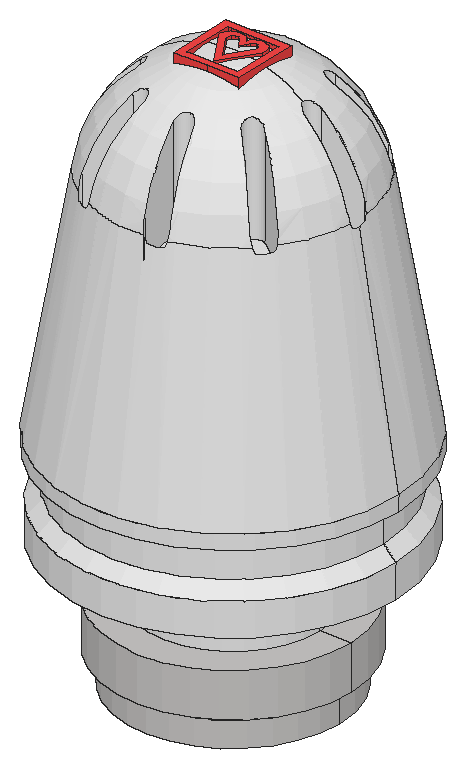
Revit family "Термостатическая головка HERZ-Design-MINI Turbo, с присоединительной резьбой М 28х1.5, 9200 13", category Rohrzubehör, Revit 2018
Family settings
  Bemaßung runder Anschluss = Durchmesser verwenden
  Teiletyp = Normal
  OmniClass-Nummer = 23.65.55.14
  OmniClass-Titel = Valves for Liquid Services
  Arbeitsebenenbasiert = Nein
  Immer vertikal = Nein
  Beim Laden mit Abzugskörper schneiden = Nein
  Gemeinsam genutzt = Nein
Parameters
  Принцип действия = "HERZ-термостатическая головка является датчиком прямого регулирования.\r\nИзменение объема жидкости в HERZ-гидросенсоре приводит в движение шток клапана."
  Область применения = "Для монтажа на всех HERZ-клапанах, предназначенных для термостатической работы."
  Номер заказа = 1920013  # constant formula
  Морозозащита = 6 °C  # constant formula
  Маховик = "Пластик, белый"  # constant formula
  Диапазон регулирования с морозозащитой = "6-30°C"  # constant formula
  Диапазон регулирования = "0-30°C"  # constant formula
  URL = "www.herz-armaturen.ru"
  S02 = 60 mm  # constant formula
  S01 = 73 mm  # constant formula
  Позиция теплового запирания "0" = "Термостатическая головка с жидкостным датчиком (гидросенсором) с позициями теплового запираниия \"0\" и морозозащиты, с ограничением и блокировкой диапазона регулирования."
  Hersteller = "HERZ Armaturen Ges.m.b.H."  # constant formula
  Позиция морозозащиты * = "Термостатическая головка с жидкостным датчиком (гидросенсором) с позицией морозозащиты и ограничением, блокировкой диапазона регулирования."
Reference planes
  plane 1 "Mitte (Vorne/hinten)": y = 0
  plane 2: z = 0
  plane 3 "Mitte (Links/rechts)": x = 0
Forms (mm)
  Revolve 1, solid, material "Kunststoff weiß", detail levels fine
    sketch origin (0, 0, 0) x (1, 0, 0) y (0, 0, 1)
      loop
        line (0, 0) -> (0, 73)
        arc (0, 73) -> (-11.397, 68.78) -> (-17.297, 58.156) r 17.5
        arc (-17.297, 58.156) -> (-20.011, 42.065) -> (-22.88, 26) r 1681.293
        line (-22.88, 26) -> (-22.88, 24) -> (-20.75, 24) -> (-20.75, 19.25) -> (-22.5, 17.5) -> (-22.5, 13) -> (-12.8, 13)
        arc (-12.8, 13) -> (-12.234, 12.766) -> (-12, 12.2) r 0.8
        line (-12, 12.2) -> (-12, 4.8) -> (-13.2, 4.8) -> (-13.2, 0) -> (0, 0)
      axis (0, 73) -> (0, 0)
    angle from 0 to 360
  Revolve 2, solid, material "Messing verzinkt", detail levels fine
    sketch origin (0, 0, 0) x (1, 0, 0) y (0, 0, 1)
      loop
        line (0, 0) -> (0, 5.5) -> (-16.35, 5.5) -> (-16.35, -0.576) -> (-14.75, -1.5) -> (-14.75, -5) -> (-13.35, -5) -> (-13.35, 0) -> (0, 0)
      axis (0, 5.5) -> (0, -5)
    angle from 0 to 360
  Extrusion 3, void
    sketch origin (0, 0, 0) x (1, 0, 0) y (0, 1, 0)
      loop
        arc (11.027, 1.298) -> (9.8, 0) -> (11.027, -1.298) r 1.3
        line (11.027, -1.298) -> (16.77, -1.62)
        arc (16.77, -1.62) -> (17.178, -1.485) -> (17.384, -1.107) r 0.586
        arc (17.384, -1.107) -> (17.453, 0.011) -> (17.382, 1.129) r 9
        arc (17.382, 1.129) -> (17.183, 1.492) -> (16.79, 1.621) r 0.564
        line (16.79, 1.621) -> (11.027, 1.298)
      loop
        line (9.282, 6.094) -> (13.904, 9.55)
        arc (13.904, 9.55) -> (14.121, 9.902) -> (14.04, 10.308) r 0.564
        arc (14.04, 10.308) -> (13.376, 11.21) -> (12.605, 12.023) r 9
        arc (12.605, 12.023) -> (12.205, 12.18) -> (11.805, 12.021) r 0.586
        line (11.805, 12.021) -> (7.613, 8.082)
        arc (7.613, 8.082) -> (7.507, 6.299) -> (9.282, 6.094) r 1.3
      loop
        arc (0.637, 11.085) -> (1.702, 9.651) -> (3.193, 10.634) r 1.3
        line (3.193, 10.634) -> (4.508, 16.234)
        arc (4.508, 16.234) -> (4.445, 16.659) -> (4.109, 16.928) r 0.586
        arc (4.109, 16.928) -> (3.02, 17.189) -> (1.907, 17.313) r 9
        arc (1.907, 17.313) -> (1.515, 17.181) -> (1.319, 16.816) r 0.564
        line (1.319, 16.816) -> (0.637, 11.085)
      loop
        line (-4.39, 10.199) -> (-6.991, 15.351)
        arc (-6.991, 15.351) -> (-7.3, 15.626) -> (-7.713, 15.617) r 0.564
        arc (-7.713, 15.617) -> (-8.717, 15.12) -> (-9.651, 14.501) r 9
        arc (-9.651, 14.501) -> (-9.875, 14.134) -> (-9.788, 13.713) r 0.586
        line (-9.788, 13.713) -> (-6.638, 8.901)
        arc (-6.638, 8.901) -> (-4.9, 8.487) -> (-4.39, 10.199) r 1.3
      loop
        arc (-10.806, 2.552) -> (-9.209, 3.352) -> (-9.918, 4.991) r 1.3
        line (-9.918, 4.991) -> (-15.204, 7.258)
        arc (-15.204, 7.258) -> (-15.634, 7.271) -> (-15.957, 6.986) r 0.586
        arc (-15.957, 6.986) -> (-16.404, 5.959) -> (-16.719, 4.884) r 9
        arc (-16.719, 4.884) -> (-16.657, 4.475) -> (-16.332, 4.219) r 0.564
        line (-16.332, 4.219) -> (-10.806, 2.552)
      loop
        line (-10.806, -2.552) -> (-16.332, -4.219)
        arc (-16.332, -4.219) -> (-16.657, -4.475) -> (-16.719, -4.884) r 0.564
        arc (-16.719, -4.884) -> (-16.404, -5.959) -> (-15.957, -6.986) r 9
        arc (-15.957, -6.986) -> (-15.634, -7.271) -> (-15.204, -7.258) r 0.586
        line (-15.204, -7.258) -> (-9.918, -4.991)
        arc (-9.918, -4.991) -> (-9.209, -3.352) -> (-10.806, -2.552) r 1.3
      loop
        arc (9.282, -6.094) -> (7.507, -6.299) -> (7.613, -8.082) r 1.3
        line (7.613, -8.082) -> (11.805, -12.021)
        arc (11.805, -12.021) -> (12.205, -12.18) -> (12.605, -12.023) r 0.586
        arc (12.605, -12.023) -> (13.376, -11.21) -> (14.04, -10.308) r 9
        arc (14.04, -10.308) -> (14.121, -9.902) -> (13.904, -9.55) r 0.564
        line (13.904, -9.55) -> (9.282, -6.094)
      loop
        line (0.637, -11.085) -> (1.319, -16.816)
        arc (1.319, -16.816) -> (1.515, -17.181) -> (1.907, -17.313) r 0.564
        arc (1.907, -17.313) -> (3.02, -17.189) -> (4.109, -16.928) r 9
        arc (4.109, -16.928) -> (4.445, -16.659) -> (4.508, -16.234) r 0.586
        line (4.508, -16.234) -> (3.193, -10.634)
        arc (3.193, -10.634) -> (1.702, -9.651) -> (0.637, -11.085) r 1.3
      loop
        arc (-4.39, -10.199) -> (-4.9, -8.487) -> (-6.638, -8.901) r 1.3
        line (-6.638, -8.901) -> (-9.788, -13.713)
        arc (-9.788, -13.713) -> (-9.875, -14.134) -> (-9.651, -14.501) r 0.586
        arc (-9.651, -14.501) -> (-8.717, -15.12) -> (-7.713, -15.617) r 9
        arc (-7.713, -15.617) -> (-7.3, -15.626) -> (-6.991, -15.351) r 0.564
        line (-6.991, -15.351) -> (-4.39, -10.199)
    from 55 to 73
Cuts and joins
  Extrusion 3 cuts Revolve 1
Lines and regions (mm)
  model lines, detail levels coarse+medium
    curve 1: line (0, 0, 0) -> (0, 0, 13)
    curve 2: line (0, -0.017, 0) -> (0, 13, 0)
    curve 3: circle (-0.018, 0, 43) r 30 normal (0, -1, 0)
    curve 4: circle (0, 0, 43) r 30 normal (1, 0, 0)
    curve 5: line (0, 0, 23) -> (0, 0, 63)
    curve 6: line (0, 17.5, 63) -> (0, -17.5, 63)
    curve 7: line (-0.018, 0, 23) -> (-0.018, 0, 63)
    curve 8: line (-17.518, 0, 63) -> (17.482, 0, 63)
    curve 9: circle (0, 43, 0) r 30 normal (0, 0, 1)
    curve 10: line (0, 63, 0) -> (0, 23, 0)
    curve 11: line (-17.5, 63, 0) -> (17.5, 63, 0)
Dimensions and locks
  "S01": curve 4 to plane 2
  "S01": curve 3 to plane 2
  "S01": plane 1 "Mitte (Vorne/hinten)" to curve 9
  "S02": diameter of curve 3
  "S02": diameter of curve 4
  "S02": diameter of curve 9
  aligned and locked: level to plane 2
Automatic sketch dimensions
  Revolve 1 sketch curve to level = 0 mm
  Revolve 1 sketch curve to plane 3 "Mitte (Links/rechts)" = 0 mm  (x2)
  Revolve 1 sketch curve to plane 3 "Mitte (Links/rechts)" = 12 mm
  Revolve 1 sketch curve to Revolve 1 sketch curve = 0.8 mm
  Revolve 1 sketch curve to Revolve 1 sketch curve = 1.2 mm
  Revolve 1 sketch curve to Revolve 1 sketch curve = 7.95 mm
  Revolve 1 sketch curve to Revolve 1 sketch curve = 1.75 mm  (x2)
  Revolve 1 sketch curve to Revolve 1 sketch curve = 2.13 mm
  level to Revolve 1 sketch curve = 329.658 mm
  Revolve 1 sketch curve to plane 3 "Mitte (Links/rechts)" = 1676.524 mm
  level to Revolve 1 sketch curve = 4.8 mm
  Revolve 1 sketch curve to Revolve 1 sketch curve = 7.4 mm
  Revolve 1 sketch curve to Revolve 1 sketch curve = 4.5 mm
  Revolve 1 sketch curve to Revolve 1 sketch curve = 4.75 mm
  Revolve 1 sketch curve to Revolve 1 sketch curve = 2 mm
  Revolve 1 sketch curve to Revolve 1 sketch curve = 29.5 mm
  Revolve 1 sketch curve to Revolve 1 sketch curve = 17.5 mm
  Revolve 1 sketch curve to level = 366.045 mm
  Revolve 1 sketch curve to Revolve 1 sketch curve = 2141.315 mm
  Revolve 2 sketch curve to level = 0 mm
  Revolve 2 sketch curve to plane 3 "Mitte (Links/rechts)" = 0 mm  (x2)
  Revolve 2 sketch curve to level = 5 mm
  Revolve 2 sketch curve to plane 3 "Mitte (Links/rechts)" = 13.35 mm
  Revolve 2 sketch curve to Revolve 2 sketch curve = 1.4 mm
  Revolve 2 sketch curve to level = 0.576 mm
  Revolve 2 sketch curve to Revolve 2 sketch curve = 1.6 mm
  Revolve 2 sketch curve to level = 1.5 mm
  level to Revolve 2 sketch curve = 5.5 mm
  Revolve 2 sketch curve to Revolve 2 sketch curve = 361.045 mm
  Revolve 2 sketch curve to Revolve 2 sketch curve = 2208.815 mm
  plane 1 "Mitte (Vorne/hinten)" to Extrusion 3 sketch curve = 0 mm  (x2)
  Extrusion 3 sketch curve to plane 1 "Mitte (Vorne/hinten)" = 4.219 mm
  Extrusion 3 sketch curve to plane 3 "Mitte (Links/rechts)" = 16.332 mm
  plane 1 "Mitte (Vorne/hinten)" to Extrusion 3 sketch curve = 4.219 mm
  Extrusion 3 sketch curve to Extrusion 3 sketch curve = 0 mm  (x11)
  Extrusion 3 sketch curve to Extrusion 3 sketch curve = 0.163 mm  (x2)
  Extrusion 3 sketch curve to Extrusion 3 sketch curve = 0.734 mm  (x2)
  plane 1 "Mitte (Vorne/hinten)" to Extrusion 3 sketch curve = 7.258 mm
  Extrusion 3 sketch curve to Extrusion 3 sketch curve = 0.231 mm  (x2)
  Extrusion 3 sketch curve to plane 1 "Mitte (Vorne/hinten)" = 7.258 mm
  plane 1 "Mitte (Vorne/hinten)" to Extrusion 3 sketch curve = 2.552 mm
  Extrusion 3 sketch curve to Extrusion 3 sketch curve = 5.526 mm
  Extrusion 3 sketch curve to plane 1 "Mitte (Vorne/hinten)" = 2.552 mm
  Extrusion 3 sketch curve to Extrusion 3 sketch curve = 0.375 mm  (x2)
  Extrusion 3 sketch curve to Extrusion 3 sketch curve = 0.512 mm  (x2)
  Extrusion 3 sketch curve to Extrusion 3 sketch curve = 5.416 mm  (x2)
  Extrusion 3 sketch curve to Extrusion 3 sketch curve = 0.49 mm  (x2)
  Extrusion 3 sketch curve to Extrusion 3 sketch curve = 2.488 mm  (x2)
  Extrusion 3 sketch curve to Extrusion 3 sketch curve = 1.803 mm  (x2)
  Extrusion 3 sketch curve to Extrusion 3 sketch curve = 0.504 mm  (x2)
  Extrusion 3 sketch curve to Extrusion 3 sketch curve = 3.281 mm  (x2)
  Extrusion 3 sketch curve to Extrusion 3 sketch curve = 1.088 mm  (x2)
  Extrusion 3 sketch curve to Extrusion 3 sketch curve = 1.16 mm  (x2)
  Extrusion 3 sketch curve to Extrusion 3 sketch curve = 1.324 mm  (x2)
  plane 3 "Mitte (Links/rechts)" to Extrusion 3 sketch curve = 0.637 mm  (x2)
  plane 3 "Mitte (Links/rechts)" to Extrusion 3 sketch curve = 1.319 mm  (x2)
  plane 3 "Mitte (Links/rechts)" to Extrusion 3 sketch curve = 1.468 mm  (x2)
  Extrusion 3 sketch curve to Extrusion 3 sketch curve = 0.561 mm  (x2)
  Extrusion 3 sketch curve to Extrusion 3 sketch curve = 1.291 mm  (x2)
  Extrusion 3 sketch curve to Extrusion 3 sketch curve = 1.266 mm  (x2)
  Extrusion 3 sketch curve to Extrusion 3 sketch curve = 2.058 mm  (x2)
  Extrusion 3 sketch curve to Extrusion 3 sketch curve = 0.57 mm  (x2)
  Extrusion 3 sketch curve to Extrusion 3 sketch curve = 5.007 mm  (x2)
  Extrusion 3 sketch curve to Extrusion 3 sketch curve = 1.138 mm  (x2)
  Extrusion 3 sketch curve to Extrusion 3 sketch curve = 1.978 mm
  Extrusion 3 sketch curve to Extrusion 3 sketch curve = 0.89 mm  (x2)
  Extrusion 3 sketch curve to Extrusion 3 sketch curve = 0.779 mm  (x2)
  plane 1 "Mitte (Vorne/hinten)" to Extrusion 3 sketch curve = 1.298 mm
  Extrusion 3 sketch curve to Extrusion 3 sketch curve = 2.575 mm
  Extrusion 3 sketch curve to Extrusion 3 sketch curve = 0.073 mm
  Extrusion 3 sketch curve to Extrusion 3 sketch curve = 4.192 mm  (x2)
  Extrusion 3 sketch curve to Extrusion 3 sketch curve = 0.401 mm  (x2)
  Extrusion 3 sketch curve to Extrusion 3 sketch curve = 1.36 mm  (x2)
  Extrusion 3 sketch curve to Extrusion 3 sketch curve = 0.338 mm  (x2)
  plane 1 "Mitte (Vorne/hinten)" to Extrusion 3 sketch curve = 1.62 mm
  Extrusion 3 sketch curve to Extrusion 3 sketch curve = 5.743 mm
  Extrusion 3 sketch curve to plane 1 "Mitte (Vorne/hinten)" = 1.621 mm
  Extrusion 3 sketch curve to Extrusion 3 sketch curve = 0.02 mm
  Extrusion 3 sketch curve to Extrusion 3 sketch curve = 0.033 mm
  Extrusion 3 sketch curve to Extrusion 3 sketch curve = 0.032 mm
  plane 1 "Mitte (Vorne/hinten)" to Extrusion 3 sketch curve = 7.32 mm
  Extrusion 3 sketch curve to Extrusion 3 sketch curve = 6.784 mm
  Extrusion 3 sketch curve to Extrusion 3 sketch curve = 1.004 mm
  Extrusion 3 sketch curve to Extrusion 3 sketch curve = 1.581 mm  (x2)
  Extrusion 3 sketch curve to Extrusion 3 sketch curve = 1.468 mm
  Extrusion 3 sketch curve to Extrusion 3 sketch curve = 0.712 mm  (x2)
  Extrusion 3 sketch curve to Extrusion 3 sketch curve = 0.452 mm  (x2)
  Extrusion 3 sketch curve to Extrusion 3 sketch curve = 2.31 mm  (x2)
  Extrusion 3 sketch curve to Extrusion 3 sketch curve = 0.297 mm  (x2)
  Extrusion 3 sketch curve to Extrusion 3 sketch curve = 1.591 mm  (x2)
  Extrusion 3 sketch curve to Extrusion 3 sketch curve = 0.427 mm  (x2)
  Extrusion 3 sketch curve to Extrusion 3 sketch curve = 4.812 mm  (x2)
  Extrusion 3 sketch curve to Extrusion 3 sketch curve = 0.321 mm  (x2)
  Extrusion 3 sketch curve to Extrusion 3 sketch curve = 1.063 mm  (x2)
  Extrusion 3 sketch curve to Extrusion 3 sketch curve = 0.254 mm  (x2)
  Extrusion 3 sketch curve to Extrusion 3 sketch curve = 5.599 mm  (x2)
  Extrusion 3 sketch curve to Extrusion 3 sketch curve = 0.134 mm  (x2)
  Extrusion 3 sketch curve to Extrusion 3 sketch curve = 0.382 mm  (x2)
  Extrusion 3 sketch curve to Extrusion 3 sketch curve = 0.067 mm  (x2)
  Extrusion 3 sketch curve to Extrusion 3 sketch curve = 0.947 mm
  Extrusion 3 sketch curve to Extrusion 3 sketch curve = 0.539 mm  (x2)
  Extrusion 3 sketch curve to Extrusion 3 sketch curve = 1.702 mm
  Extrusion 3 sketch curve to Extrusion 3 sketch curve = 2.439 mm
  Extrusion 3 sketch curve to Extrusion 3 sketch curve = 0.54 mm  (x2)
  Extrusion 3 sketch curve to Extrusion 3 sketch curve = 0.905 mm
  Extrusion 3 sketch curve to Extrusion 3 sketch curve = 0.585 mm
  Extrusion 3 sketch curve to Extrusion 3 sketch curve = 0.564 mm
  Extrusion 3 sketch curve to Extrusion 3 sketch curve = 0.339 mm
  Extrusion 3 sketch curve to Extrusion 3 sketch curve = 1.245 mm
  Extrusion 3 sketch curve to plane 1 "Mitte (Vorne/hinten)" = 5.433 mm
  Extrusion 3 sketch curve to Extrusion 3 sketch curve = 0.661 mm
  Extrusion 3 sketch curve to Extrusion 3 sketch curve = 1.041 mm
  Extrusion 3 sketch curve to Extrusion 3 sketch curve = 4.429 mm
  Extrusion 3 sketch curve to Extrusion 3 sketch curve = 2.891 mm
  Extrusion 3 sketch curve to Extrusion 3 sketch curve = 3.456 mm
  Extrusion 3 sketch curve to plane 1 "Mitte (Vorne/hinten)" = 1.298 mm  (x2)
  curve 5 to plane 1 "Mitte (Vorne/hinten)" = 0 mm
  curve 4 to plane 1 "Mitte (Vorne/hinten)" = 0 mm
  plane 1 "Mitte (Vorne/hinten)" to curve 6 = 17.5 mm
  curve 5 to curve 6 = 17.5 mm
  curve 5 to curve 4 = 20 mm
  curve 4 to curve 6 = 20 mm
  curve 1 to plane 3 "Mitte (Links/rechts)" = 0 mm
  curve 1 to level = 0 mm
  curve 3 to plane 3 "Mitte (Links/rechts)" = 0.018 mm
  curve 7 to plane 3 "Mitte (Links/rechts)" = 0.018 mm
  curve 8 to curve 7 = 17.5 mm
  plane 3 "Mitte (Links/rechts)" to curve 8 = 17.482 mm
  curve 1 to curve 7 = 10 mm
  curve 3 to curve 8 = 20 mm
  curve 9 to plane 3 "Mitte (Links/rechts)" = 0 mm
  curve 10 to plane 3 "Mitte (Links/rechts)" = 0 mm
  curve 2 to plane 3 "Mitte (Links/rechts)" = 0 mm
  curve 11 to curve 10 = 17.5 mm
  plane 3 "Mitte (Links/rechts)" to curve 11 = 17.5 mm
  plane 1 "Mitte (Vorne/hinten)" to curve 2 = 0.017 mm
  curve 2 to curve 10 = 10 mm
  curve 9 to curve 11 = 20 mm
Nested families
  nested 1: "Herz-Logo" at (0, 0, 71.5), type "Herz-Logo", detail levels fine
Definition of nested family "Herz-Logo"
  Reference planes
    plane 1 "Mitte (Vorne/hinten)": y = 0
    plane 2: z = 0
    plane 3 "Mitte (Links/rechts)": x = 0
  Forms (mm)
    Extrusion 1, solid
      sketch origin (0, 0, 0) x (1, 0, 0) y (0, 1, 0)
        loop
          line (-0.018, -4.517) -> (4.482, -4.517) -> (4.482, 4.483) -> (-4.518, 4.483) -> (-4.518, -4.517) -> (-0.018, -4.517)
        loop
          line (-0.05, -3.48) -> (3.482, -3.48) -> (3.482, 3.483) -> (-3.518, 3.483) -> (-3.518, -3.48) -> (-0.05, -3.48)
        loop
          arc (-0.018, 2.383) -> (-1.543, 3.287) -> (-3.067, 2.383) r 1.738
          arc (-3.067, 2.383) -> (-3.191, 1.899) -> (-3.067, 1.415) r 1.009
          line (-3.067, 1.415) -> (-0.018, -3.281) -> (3.032, 1.415)
          arc (3.032, 1.415) -> (3.156, 1.899) -> (3.032, 2.383) r 1.009
          arc (3.032, 2.383) -> (1.507, 3.287) -> (-0.018, 2.383) r 1.738
        loop
          arc (1.885, 1.272) -> (2.005, 1.675) -> (1.885, 2.079) r 0.74
          arc (1.885, 2.079) -> (1.265, 2.416) -> (0.644, 2.079) r 0.74
          line (0.644, 2.079) -> (-0.018, 0.97) -> (-0.679, 2.079)
          arc (-0.679, 2.079) -> (-1.3, 2.416) -> (-1.921, 2.079) r 0.74
          arc (-1.921, 2.079) -> (-2.04, 1.675) -> (-1.921, 1.272) r 0.74
          line (-1.921, 1.272) -> (-0.018, -1.658) -> (1.885, 1.272)
      from 0 to 1.5
  Dimensions and locks
    aligned and locked: level to plane 2
